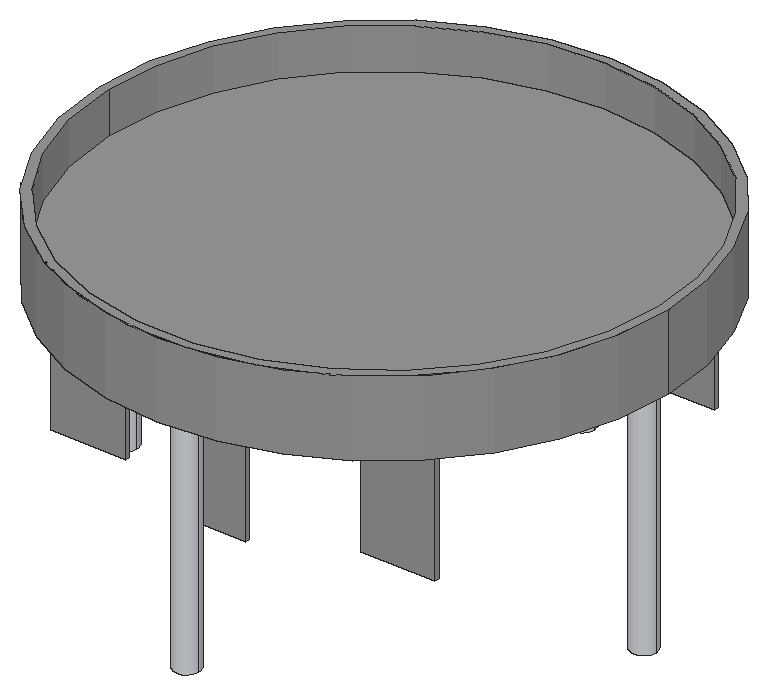
Revit family "Nivellierbare Schwerlastkassette,blind, RKRSL, 20, 7", category Generic Models, Revit 2015
Parameters (values of type "RKR2 7SL2 V2 20")
  URL = "http://www.obo-bettermann.com"
  Material = Stainless Steel, Polished
  Manufacturer Art.No. = "7409092"
  Manufacturer = "OBO Bettermann"
  HeightCalc = if(Height < 105 mm, 105 mm, (if(Height > 155 mm, 155 mm, Height)))  # 150 mm
  Height 1 = 36.5 mm
  Height = 150 mm
  GTIN = "4012195868255"
  Diameter 1 = 265.6 mm
  Diameter = 274 mm
  Cut depth = 20 mm
  Article Type = "RKR2 7SL2 V2 20"
Reference planes
  plane 1 "Center (Front/Back)": y = 0
  plane 2: z = 0
  plane 3 "Center (Left/Right)": x = 0
  plane 4: z = 113.5
  plane 5: y = 99.5
  plane 6: y = -99.5
  plane 7: z = 150
  plane 8: z = 54.7
  plane 9: z = 130
Forms (mm)
  Extrusion 1, solid
    sketch origin (0, 0, 0) x (1, 0, 0) y (0, 1, 0)
      loop
        circle (0, 119) r 6
      loop
        circle (0, -119) r 6
      loop
        circle (-125, 0) r 6
      loop
        circle (125, 0) r 6
    from 0 to 113.5
  Extrusion 2, solid, material "Stainless Steel, Polished" <- "Material"
    sketch origin (0, 0, 0) x (1, 0, 0) y (0, 1, 0)
      loop
        line (56.5, 85) -> (56.5, 83) -> (92.5, 83) -> (92.5, 85) -> (56.5, 85)
      loop
        line (-92.5, 85) -> (-92.5, 83) -> (-56.5, 83) -> (-56.5, 85) -> (-92.5, 85)
      loop
        line (-18, 106) -> (-18, 104) -> (18, 104) -> (18, 106) -> (-18, 106)
      loop
        line (56.5, -83) -> (56.5, -85) -> (92.5, -85) -> (92.5, -83) -> (56.5, -83)
      loop
        line (-92.5, -83) -> (-92.5, -85) -> (-56.5, -85) -> (-56.5, -83) -> (-92.5, -83)
      loop
        line (-18, -104) -> (-18, -106) -> (18, -106) -> (18, -104) -> (-18, -104)
    from 54.7 to 113.5
  Extrusion 3, solid, material "Stainless Steel, Polished" <- "Material"
    sketch origin (0, 0, 0) x (1, 0, 0) y (0, 1, 0)
      loop
        circle (0, 0) r 137
    from 113.5 to 150
  Extrusion 4, void
    sketch origin (0, 0, 0) x (1, 0, 0) y (0, 1, 0)
      loop
        circle (0, 0) r 132.8
    from 130 to 150
Cuts and joins
  Extrusion 4 cuts Extrusion 1
  Extrusion 4 cuts Extrusion 2
  Extrusion 4 cuts Extrusion 3
Dimensions and locks
  "HeightCalc": plane 7 to level
  "Height 1": plane 7 to plane 4
  locked: plane 4 to plane 8 at 58.8
  "Cut depth": plane 7 to plane 9
  locked: plane 5 to plane 6 at 199
  equal spacing: plane 5, plane 1 "Center (Front/Back)", plane 6, locked at 99.5 each
  locked: plane 1 "Center (Front/Back)" to Extrusion 1 sketch curve at 119
  locked: Extrusion 1 sketch curve to plane 1 "Center (Front/Back)" at 119
  locked: Extrusion 1 sketch curve to plane 3 "Center (Left/Right)" at 125
  locked: plane 3 "Center (Left/Right)" to Extrusion 1 sketch curve at 125
  locked: Extrusion 2 sketch curve to Extrusion 2 sketch curve at 36  (x6)
  locked: Extrusion 2 sketch curve to Extrusion 2 sketch curve at 2  (x6)
  locked: Extrusion 2 sketch curve to Extrusion 2 sketch curve at 113  (x2)
  equal spacing: Extrusion 2 sketch curve, plane 3 "Center (Left/Right)", Extrusion 2 sketch curve, locked at 56.5 each  (x2)
  locked: Extrusion 2 sketch curve to plane 1 "Center (Front/Back)" at 83  (x2)
  equal spacing: Extrusion 2 sketch curve, plane 3 "Center (Left/Right)", Extrusion 2 sketch curve, locked at 18 each  (x2)
  locked: plane 1 "Center (Front/Back)" to Extrusion 2 sketch curve at 104
  locked: Extrusion 2 sketch curve to plane 1 "Center (Front/Back)" at 104
  "Diameter": diameter of Extrusion 3 sketch curve
  "Diameter 1": diameter of Extrusion 4 sketch curve
  diameter of Extrusion 1 sketch curve = 12 mm  (x4)
  aligned and locked: level to plane 2
  aligned and locked: plane 4 to Extrusion 1
  aligned and locked: Extrusion 1 to Extrusion 2
  aligned and locked: Extrusion 2 to plane 8
  aligned and locked: Extrusion 3 to Extrusion 1
  aligned and locked: plane 7 to Extrusion 3
  aligned and locked: cut or joined group of Extrusion 3, Extrusion 4 to Extrusion 4
  aligned and locked: Extrusion 4 to plane 9
  aligned and locked: Extrusion 2 sketch curve to Extrusion 2 sketch curve  (x2)
Automatic sketch dimensions
  Extrusion 1 sketch curve to plane 3 "Center (Left/Right)" = 0 mm  (x2)
  plane 1 "Center (Front/Back)" to Extrusion 1 sketch curve = 0 mm  (x2)
  plane 1 "Center (Front/Back)" to Extrusion 4 sketch curve = 0 mm
  Extrusion 4 sketch curve to plane 3 "Center (Left/Right)" = 0 mm
  plane 1 "Center (Front/Back)" to Extrusion 3 sketch curve = 0 mm
  Extrusion 3 sketch curve to plane 3 "Center (Left/Right)" = 0 mm
